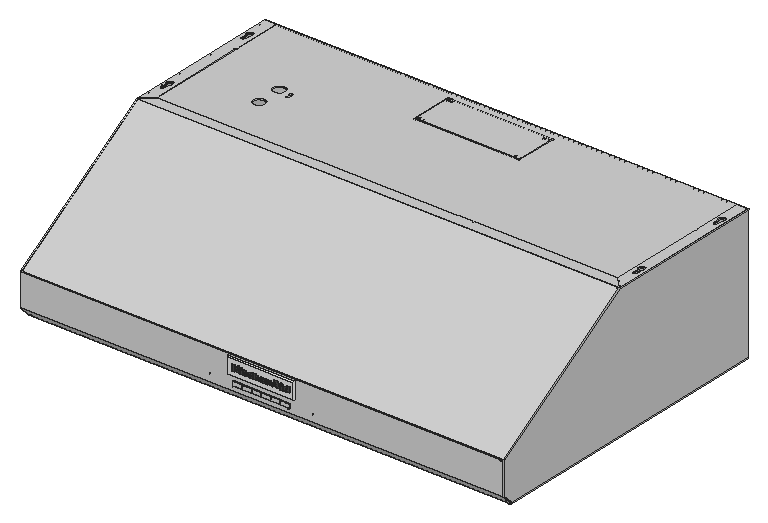
Revit family "P200880KC-062c_KVUC606KSS", category Specialty Equipment, Revit 2026
Family settings
  Round Connector Dimension = Use Diameter
  Part Type = Normal
  Work Plane-Based = No
  Enable Cutting in Views = No
  Always vertical = Yes
  Cut with Voids When Loaded = No
  Maintain Annotation Orientation = No
  Shared = No
  Room Calculation Point = No
Parameters (values of type "KVUC606KSS")
  Width = 36"
  Voltage = 0 V
  URL = ""
  Switch Material = ARCAT - Metal - Steel - Stainless
  Model = "KVUC606KSS"
  Manufacturer = "KitchenAid"
  Light Panel Material = ARCAT - Metal - Steel - Stainless Polished
  Light Material = ARCAT - Glass - White
  Installation-Fabrication = ""
  Height = 10"
  Grid Material = ARCAT - Metal - Light Gray
  Feature 3 = "90,0000 BTU Threshold\r\n90,0000 BTU Threshold"
  Feature 2 = "3-Speed Fan Control with Power Boost Function\r\n3-Speed Fan Control with Power Boost Function"
  Feature 1 = "585 CFM Motor Class Ventilation System\r\n585 CFM Motor Class Ventilation System"
  Family Name = "Ventilation"
  Energy Guide = ""
  Drawn By = ""
  Dimension Guide = ""
  Description = "36\" Commercial-Style Under-Cabinet Range Hood System, 585 CFM\r\n36\" Commercial-Style Under-Cabinet Range Hood System, 585 CFM"
  Depth = 23"
  Default Elevation = 0"
  Copyright = ""
  Body Material = ARCAT - Metal - Steel - Stainless
  Amps = 0 A
Reference planes (in)
  plane 1 "Center (Front/Back)": y = 0
  plane 2: z = 0
  plane 3 "Center (Left/Right)": x = 0
  plane 4: y = -23
  plane 5: z = 10
  plane 6: x = -18
  plane 7: x = 18
Forms (in)
  Extrusion 1, solid, material "ARCAT - Metal - Steel - Stainless" <- "Body Material"
    sketch origin (-14.95312, 60, 48) x (0, 1, 0) y (0, 0, -1)
      loop
        line (-82.8125, 44.82325) -> (-82.8125, 44.74975) -> (-72.05773, 38.01767)
        arc (-72.05773, 38.01767) -> (-72.03001, 38.0051) -> (-72, 38) r 0.11869
        line (-72, 38) -> (-72, 38.06311) -> (-82.8125, 44.82325)
    from 3.04688 to -32.95312
  Extrusion 2, solid, material "ARCAT - Metal - Steel - Stainless" <- "Body Material"
    sketch origin (0, -0.0625, 92.27586) x (0, 0, 1) y (-1, 0, 0)
      loop
        line (-82.33885, -17.9375) -> (-82.33885, 17.9375) -> (-92.21287, 17.9375) -> (-92.21287, -17.9375) -> (-82.33885, -17.9375)
      loop
        line (-83.28989, -16.91535) -> (-82.89791, -16.91535)
        arc (-82.89791, -16.91535) -> (-82.76995, -16.7874) -> (-82.89791, -16.65945) r 0.12795
        line (-82.89791, -16.65945) -> (-83.28989, -16.65945)
        arc (-83.28989, -16.65945) -> (-83.72468, -16.7874) -> (-83.28989, -16.91535) r 0.23622
      loop
        line (-82.89791, -6.85363) -> (-83.28989, -6.85363)
        arc (-83.28989, -6.85363) -> (-83.72468, -6.98158) -> (-83.28989, -7.10954) r 0.23622
        line (-83.28989, -7.10954) -> (-82.89791, -7.10954)
        arc (-82.89791, -7.10954) -> (-82.76995, -6.98158) -> (-82.89791, -6.85363) r 0.12795
      loop
        line (-82.89791, 7.10954) -> (-83.28989, 7.10954)
        arc (-83.28989, 7.10954) -> (-83.72468, 6.98158) -> (-83.28989, 6.85363) r 0.23622
        line (-83.28989, 6.85363) -> (-82.89791, 6.85363)
        arc (-82.89791, 6.85363) -> (-82.76995, 6.98158) -> (-82.89791, 7.10954) r 0.12795
      loop
        line (-83.92546, 9.68166) -> (-83.92546, 9.40607)
        arc (-83.92546, 9.40607) -> (-83.80735, 9.28796) -> (-83.68924, 9.40607) r 0.11811
        line (-83.68924, 9.40607) -> (-83.68924, 9.68166)
        arc (-83.68924, 9.68166) -> (-83.80735, 9.79977) -> (-83.92546, 9.68166) r 0.11811
      loop
        line (-83.28989, 16.73819) -> (-82.89791, 16.73819)
        arc (-82.89791, 16.73819) -> (-82.76995, 16.86614) -> (-82.89791, 16.99409) r 0.12795
        line (-82.89791, 16.99409) -> (-83.28989, 16.99409)
        arc (-83.28989, 16.99409) -> (-83.72468, 16.86614) -> (-83.28989, 16.73819) r 0.23622
      loop
        line (-86.10657, -3.95669) -> (-82.91759, -3.95669) -> (-82.91759, -3.87795) -> (-86.10657, -3.87795) -> (-86.10657, -3.95669)
      loop
        line (-82.99633, 3.83858) -> (-82.99633, -3.83858) -> (-82.91759, -3.83858) -> (-82.91759, 3.83858) -> (-82.99633, 3.83858)
      loop
        line (-83.19318, -3.44488) -> (-83.19318, -3.83858) -> (-83.11444, -3.83858) -> (-83.11444, -3.44488) -> (-83.19318, -3.44488)
      loop
        line (-86.10657, 3.83858) -> (-86.10657, -3.83858) -> (-86.02783, -3.83858) -> (-86.02783, 3.83858) -> (-86.10657, 3.83858)
      loop
        line (-85.90972, -3.44488) -> (-85.90972, -3.83858) -> (-85.83098, -3.83858) -> (-85.83098, -3.44488) -> (-85.90972, -3.44488)
      loop
        line (-86.10657, 3.87795) -> (-82.91759, 3.87795) -> (-82.91759, 3.95669) -> (-86.10657, 3.95669) -> (-86.10657, 3.87795)
      loop
        line (-85.90972, 3.83858) -> (-85.90972, 3.44488) -> (-85.83098, 3.44488) -> (-85.83098, 3.83858) -> (-85.90972, 3.83858)
      loop
        line (-83.19318, 3.83858) -> (-83.19318, 3.44488) -> (-83.11444, 3.44488) -> (-83.11444, 3.83858) -> (-83.19318, 3.83858)
      loop
        circle (-84.62034, 10.97601) r 0.42969
      loop
        circle (-84.62034, 9.07519) r 0.42969
    from 0 to -0.0625
  Extrusion 3, solid, material "ARCAT - Metal - Steel - Stainless" <- "Body Material"
    sketch origin (-14.95312, 60.04675, 44.38976) x (0, 1, 0) y (0, 0, 1)
      loop
        line (-82.85925, -41.13951) -> (-82.89769, -41.1633)
        arc (-82.89769, -41.1633) -> (-82.91533, -41.18176) -> (-82.92175, -41.20648) r 0.05078
        line (-82.92175, -41.20648) -> (-82.92175, -43.62173) -> (-82.15913, -44.38436)
        arc (-82.15913, -44.38436) -> (-82.13947, -44.38827) -> (-82.12833, -44.3716) r 0.01804
        line (-82.12833, -44.3716) -> (-82.12833, -44.32677) -> (-82.85925, -43.59585) -> (-82.85925, -41.13951)
    from -3.04688 to 32.95312
  Extrusion 4, solid, material "ARCAT - Metal - Steel - Stainless" <- "Body Material"
    sketch origin (-14.95312, -21.80462, 0.00049) x (0, 1, 0) y (1, 0, 0)
      loop
        line (0.6424, -1.73437) -> (7.65108, -1.73437) -> (7.65108, 31.57812) -> (0.6424, 31.57812) -> (0.6424, -1.73437)
      loop
        circle (4.39127, 23.56729) r 1.12452
      loop
        circle (4.39127, 6.33896) r 1.12452
    from 0 to -0.0625
  Extrusion 5, solid, material "ARCAT - Metal - Steel - Stainless" <- "Body Material"
    sketch origin (-14.95312, -14.67094, 0.25049) x (0, 1, 0) y (1, 0, 0)
      loop
        line (0.5174, -1.73437) -> (1.23615, -1.01562) -> (1.23615, 14.23437) -> (0.5174, 14.95312) -> (0.5174, -1.73437)
    from 0 to -0.0625
  Extrusion 6, solid, material "ARCAT - Metal - Steel - Stainless" <- "Body Material"
    sketch origin (-0.5174, -23.77468, 0.25049) x (-1, 0, 0) y (0, 1, 0)
      loop
        line (-0.5174, 9.62114) -> (-0.5174, 22.30593) -> (-1.23615, 21.58718) -> (-1.23615, 10.33989) -> (-0.5174, 9.62114)
    from 0 to -0.0625
  Extrusion 7, solid, material "ARCAT - Metal - Steel - Stainless" <- "Body Material"
    sketch origin (0.5174, -23.77468, 0.25049) x (-1, 0, 0) y (0, 1, 0)
      loop
        line (0.5174, 9.62114) -> (1.23615, 10.33989) -> (1.23615, 21.58718) -> (0.5174, 22.30593) -> (0.5174, 9.62114)
    from 0 to -0.0625
  Extrusion 8, solid, material "ARCAT - Metal - Steel - Stainless" <- "Body Material"
    sketch origin (14.95313, -14.67094, 0.25049) x (0, -1, 0) y (-1, 0, 0)
      loop
        line (-0.5174, -1.67188) -> (-0.5174, 14.95313) -> (-1.23615, 14.23437) -> (-1.23615, -0.95313) -> (-0.5174, -1.67188)
    from 0 to -0.0625
  Extrusion 9, solid, material "ARCAT - Metal - Steel - Stainless" <- "Body Material"
    sketch origin (14.95313, -0.95135, 0.25049) x (0, -1, 0) y (-1, 0, 0)
      loop
        line (0.5174, -1.67188) -> (1.23615, -0.95313) -> (1.23615, 14.23437) -> (0.5174, 14.95313) -> (0.5174, -1.67188)
    from 0 to -0.0625
  Extrusion 10, solid, material "ARCAT - Metal - Steel - Stainless" <- "Body Material"
    sketch origin (-14.95312, -0.95135, 0.25049) x (0, 1, 0) y (1, 0, 0)
      loop
        line (-0.5174, -1.73438) -> (-0.5174, 14.95312) -> (-1.23615, 14.23437) -> (-1.23615, -1.01563) -> (-0.5174, -1.73438)
    from 0 to -0.0625
  Extrusion 11, solid, material "ARCAT - Metal - Steel - Stainless" <- "Body Material"
    sketch origin (14.95313, -21.80462, 0.00049) x (0, 1, 0) y (1, 0, 0)
      loop
        line (21.80462, -31.64062) -> (21.80462, 1.67187) -> (20.33587, 1.67187) -> (20.33587, -31.64062) -> (21.80462, -31.64062)
    from 0 to -0.0625
  Extrusion 12, solid, material "ARCAT - Metal - Steel - Stainless" <- "Body Material"
    sketch origin (-14.95312, -0.06299, 9.93701) x (0, -1, 0) y (1, 0, 0)
      loop
        line (11.93701, -3.04688) -> (11.93701, 32.95312) -> (-0.06299, 32.95312) -> (-0.06299, -3.04688) -> (11.93701, -3.04688)
      loop
        arc (2.49607, 32.4674) -> (2.59449, 32.56582) -> (2.49607, 32.66425) r 0.09843
        line (2.49607, 32.66425) -> (2.07599, 32.66425)
        arc (2.07599, 32.66425) -> (1.70866, 32.56582) -> (2.07599, 32.4674) r 0.19685
        line (2.07599, 32.4674) -> (2.49607, 32.4674)
      loop
        arc (9.97638, 32.4674) -> (10.07481, 32.56582) -> (9.97638, 32.66425) r 0.09843
        line (9.97638, 32.66425) -> (9.5563, 32.66425)
        arc (9.5563, 32.66425) -> (9.18898, 32.56582) -> (9.5563, 32.4674) r 0.19685
        line (9.5563, 32.4674) -> (9.97638, 32.4674)
      loop
        line (2.49607, -2.56115) -> (2.07599, -2.56115)
        arc (2.07599, -2.56115) -> (1.70866, -2.65957) -> (2.07599, -2.758) r 0.19685
        line (2.07599, -2.758) -> (2.49607, -2.758)
        arc (2.49607, -2.758) -> (2.59449, -2.65957) -> (2.49607, -2.56115) r 0.09843
      loop
        line (9.97638, -2.56115) -> (9.5563, -2.56115)
        arc (9.5563, -2.56115) -> (9.18898, -2.65957) -> (9.5563, -2.758) r 0.19685
        line (9.5563, -2.758) -> (9.97638, -2.758)
        arc (9.97638, -2.758) -> (10.07481, -2.65957) -> (9.97638, -2.56115) r 0.09843
      loop
        line (0.54724, 18.90982) -> (0.54724, 18.83108) -> (3.69685, 18.83108) -> (3.69685, 18.90982) -> (0.54724, 18.90982)
      loop
        line (0.54724, 11.15391) -> (0.62598, 11.15391) -> (0.62598, 18.75234) -> (0.54724, 18.75234) -> (0.54724, 11.15391)
      loop
        line (0.54724, 11.07517) -> (0.54724, 10.99643) -> (3.69685, 10.99643) -> (3.69685, 11.07517) -> (0.54724, 11.07517)
      loop
        line (3.61811, 11.15391) -> (3.69685, 11.15391) -> (3.69685, 18.75234) -> (3.61811, 18.75234) -> (3.61811, 11.15391)
      loop
        line (0.74409, 18.35864) -> (0.82283, 18.35864) -> (0.82283, 18.75234) -> (0.74409, 18.75234) -> (0.74409, 18.35864)
      loop
        line (3.5, 18.75234) -> (3.42126, 18.75234) -> (3.42126, 18.35864) -> (3.5, 18.35864) -> (3.5, 18.75234)
      loop
        line (0.74409, 11.15391) -> (0.82283, 11.15391) -> (0.82283, 11.54761) -> (0.74409, 11.54761) -> (0.74409, 11.15391)
      loop
        line (3.42126, 11.15391) -> (3.5, 11.15391) -> (3.5, 11.54761) -> (3.42126, 11.54761) -> (3.42126, 11.15391)
      loop
        circle (5.92445, 2.76754) r 0.4314
      loop
        circle (7.80922, 2.76754) r 0.4314
      loop
        arc (6.26772, 3.55132) -> (6.38583, 3.66943) -> (6.26772, 3.78754) r 0.11811
        line (6.26772, 3.78754) -> (5.99213, 3.78754)
        arc (5.99213, 3.78754) -> (5.87402, 3.66943) -> (5.99213, 3.55132) r 0.11811
        line (5.99213, 3.55132) -> (6.26772, 3.55132)
    from 0 to 0.03125
  Extrusion 13, solid, material "ARCAT - Metal - Steel - Stainless" <- "Body Material"
    sketch origin (15, -21.80462, 0.06299) x (1, 0, 0) y (0, -1, 0)
      loop
        line (3, -0.05874) -> (1.625, -0.6424) -> (1.625, -21.80462) -> (3, -21.80462) -> (3, -0.05874)
    from 0 to 0.0625
  Extrusion 14, solid, material "ARCAT - Metal - Steel - Stainless" <- "Body Material"
    sketch origin (14.1424, -23.77468, 0.25049) x (-1, 0, 0) y (0, 1, 0)
      loop
        line (-2.4826, 9.62114) -> (-1.76385, 10.33989) -> (-1.76385, 21.58718) -> (-2.4826, 22.30593) -> (-2.4826, 9.62114)
    from 0 to -0.0625
  Extrusion 15, solid, material "ARCAT - Metal - Steel - Stainless" <- "Body Material"
    sketch origin (-18.12204, -179.9878, 10) x (-1, 0, 0) y (0, -1, 0)
      loop
        line (-35.30954, -168.8003) -> (-36.12204, -167.9878) -> (-36.12204, -179.9375) -> (-35.35525, -179.9375)
        arc (-35.35525, -179.9375) -> (-35.32293, -179.92411) -> (-35.30954, -179.89179) r 0.04571
        line (-35.30954, -179.89179) -> (-35.30954, -176.2632) -> (-35.42765, -176.14509) -> (-35.30954, -176.02698) -> (-35.30954, -168.8003)
      loop
        arc (-35.87253, -177.83963) -> (-35.73474, -178.26772) -> (-35.59694, -177.83963) r 0.23622
        line (-35.59694, -177.83963) -> (-35.59694, -177.44094)
        arc (-35.59694, -177.44094) -> (-35.73474, -177.30315) -> (-35.87253, -177.44094) r 0.1378
        line (-35.87253, -177.44094) -> (-35.87253, -177.83963)
      loop
        arc (-35.87253, -170.35932) -> (-35.73474, -170.7874) -> (-35.59694, -170.35932) r 0.23622
        line (-35.59694, -170.35932) -> (-35.59694, -169.96063)
        arc (-35.59694, -169.96063) -> (-35.73474, -169.82283) -> (-35.87253, -169.96063) r 0.1378
        line (-35.87253, -169.96063) -> (-35.87253, -170.35932)
    from -0.03174 to 0
  Extrusion 16, solid, material "ARCAT - Metal - Steel - Stainless" <- "Body Material"
    sketch origin (-18, 60, 44.38976) x (0, 1, 0) y (0, 0, 1)
      loop
        line (-82.8125, -41.21301) -> (-82.8125, -43.59585) -> (-82.08157, -44.32677) -> (-60, -44.32677) -> (-60, -34.45276) -> (-71.9998, -34.45276) -> (-82.8125, -41.21301)
    from 0 to 0.0625
  Extrusion 17, solid, material "ARCAT - Metal - Steel - Stainless" <- "Body Material"
    sketch origin (-18, -22.08157, 0.06299) x (1, 0, 0) y (0, -1, 0)
      loop
        line (0, -0.36222) -> (0, -22.08157) -> (1.3125, -22.08157) -> (1.3125, -0.91935) -> (0, -0.36222)
    from 0 to 0.0625
  Extrusion 18, solid, material "ARCAT - Metal - Steel - Stainless" <- "Body Material"
    sketch origin (-14.2049, -23.77468, 0.25049) x (-1, 0, 0) y (0, 1, 0)
      loop
        line (2.4826, 9.62114) -> (2.4826, 22.30593) -> (1.76385, 21.58718) -> (1.76385, 10.33989) -> (2.4826, 9.62114)
    from 0 to -0.0625
  Extrusion 19, solid, material "ARCAT - Metal - Steel - Stainless" <- "Body Material"
    sketch origin (-12.66891, -179.9878, 10) x (-1, 0, 0) y (0, -1, 0)
      loop
        line (5.33109, -167.9878) -> (-30.66891, -167.9878) -> (-29.85641, -168.8003) -> (-19.24956, -168.8003) -> (-19.13145, -168.68219) -> (-19.01334, -168.8003) -> (-18.06846, -168.8003) -> (-17.95035, -168.68219) -> (-17.83224, -168.8003) -> (-7.59601, -168.8003) -> (-7.4779, -168.68219) -> (-7.35979, -168.8003) -> (-6.41491, -168.8003) -> (-6.2968, -168.68219) -> (-6.17869, -168.8003) -> (4.51859, -168.8003) -> (5.33109, -167.9878)
    from 0 to -0.03174
  Extrusion 20, solid, material "ARCAT - Metal - Steel - Stainless" <- "Body Material"
    sketch origin (18, 60, 48) x (0, 1, 0) y (0, 0, 1)
      loop
        line (-82.8125, -44.82325) -> (-82.8125, -47.20608) -> (-82.08157, -47.93701) -> (-60, -47.93701) -> (-60, -38.06299) -> (-71.9998, -38.06299) -> (-82.8125, -44.82325)
    from 0 to -0.0625
  Extrusion 21, solid, material "ARCAT - Metal - Steel - Stainless" <- "Body Material"
    sketch origin (18.12204, -179.9878, 10) x (1, 0, 0) y (0, 1, 0)
      loop
        line (-35.30954, 168.8003) -> (-35.30954, 176.02698) -> (-35.42765, 176.14509) -> (-35.30954, 176.2632) -> (-35.30954, 179.89179)
        arc (-35.30954, 179.89179) -> (-35.32293, 179.92411) -> (-35.35525, 179.9375) r 0.04571
        line (-35.35525, 179.9375) -> (-36.12204, 179.9375) -> (-36.12204, 167.9878) -> (-35.30954, 168.8003)
      loop
        line (-35.87253, 177.83963) -> (-35.87253, 177.44094)
        arc (-35.87253, 177.44094) -> (-35.73474, 177.30315) -> (-35.59694, 177.44094) r 0.1378
        line (-35.59694, 177.44094) -> (-35.59694, 177.83963)
        arc (-35.59694, 177.83963) -> (-35.73474, 178.26772) -> (-35.87253, 177.83963) r 0.23622
      loop
        line (-35.87253, 170.35932) -> (-35.87253, 169.96063)
        arc (-35.87253, 169.96063) -> (-35.73474, 169.82283) -> (-35.59694, 169.96063) r 0.1378
        line (-35.59694, 169.96063) -> (-35.59694, 170.35932)
        arc (-35.59694, 170.35932) -> (-35.73474, 170.7874) -> (-35.87253, 170.35932) r 0.23622
    from -0.03174 to 0
  Extrusion 22, solid, material "ARCAT - Metal - Light Gray" <- "Grid Material"
    sketch origin (-5.59428, -1.46875, 48.04688) x (-1, 0, 0) y (0, 0, 1)
      loop
        line (-4.28799, -47.66912) -> (-4.47146, -47.26724) -> (-4.43633, -47.21792) -> (-4.46198, -47.19965) -> (-4.50766, -47.26378) -> (-4.30827, -47.70055)
        arc (-4.30827, -47.70055) -> (-4.29818, -47.71219) -> (-4.28339, -47.71654) r 0.02734
        line (-4.28339, -47.71654) -> (-3.25555, -47.71654)
        arc (-3.25555, -47.71654) -> (-3.24077, -47.71219) -> (-3.23068, -47.70055) r 0.02734
        line (-3.23068, -47.70055) -> (-3.03128, -47.26378) -> (-3.07697, -47.19965) -> (-3.10262, -47.21792) -> (-3.06749, -47.26724) -> (-3.25096, -47.66912)
        arc (-3.25096, -47.66912) -> (-3.261, -47.68072) -> (-3.27572, -47.68504) r 0.02722
        line (-3.27572, -47.68504) -> (-4.26323, -47.68504)
        arc (-4.26323, -47.68504) -> (-4.27795, -47.68072) -> (-4.28799, -47.66912) r 0.02722
      loop
        line (-2.4376, -47.66912) -> (-2.62107, -47.26724) -> (-2.58593, -47.21792) -> (-2.61159, -47.19965) -> (-2.65727, -47.26378) -> (-2.45787, -47.70055)
        arc (-2.45787, -47.70055) -> (-2.44779, -47.71219) -> (-2.433, -47.71654) r 0.02734
        line (-2.433, -47.71654) -> (-1.40516, -47.71654)
        arc (-1.40516, -47.71654) -> (-1.39037, -47.71219) -> (-1.38029, -47.70055) r 0.02734
        line (-1.38029, -47.70055) -> (-1.18089, -47.26378) -> (-1.22657, -47.19965) -> (-1.25223, -47.21792) -> (-1.21709, -47.26724) -> (-1.40056, -47.66912)
        arc (-1.40056, -47.66912) -> (-1.41061, -47.68072) -> (-1.42532, -47.68504) r 0.02722
        line (-1.42532, -47.68504) -> (-2.41284, -47.68504)
        arc (-2.41284, -47.68504) -> (-2.42755, -47.68072) -> (-2.4376, -47.66912) r 0.02722
      loop
        line (-0.5872, -47.66912) -> (-0.77067, -47.26724) -> (-0.73554, -47.21792) -> (-0.76119, -47.19965) -> (-0.80688, -47.26378) -> (-0.60748, -47.70055)
        arc (-0.60748, -47.70055) -> (-0.59739, -47.71219) -> (-0.58261, -47.71654) r 0.02734
        line (-0.58261, -47.71654) -> (0.44523, -47.71654)
        arc (0.44523, -47.71654) -> (0.46002, -47.71219) -> (0.47011, -47.70055) r 0.02734
        line (0.47011, -47.70055) -> (0.6695, -47.26378) -> (0.62382, -47.19965) -> (0.59817, -47.21792) -> (0.6333, -47.26724) -> (0.44983, -47.66912)
        arc (0.44983, -47.66912) -> (0.43979, -47.68072) -> (0.42507, -47.68504) r 0.02722
        line (0.42507, -47.68504) -> (-0.56244, -47.68504)
        arc (-0.56244, -47.68504) -> (-0.57716, -47.68072) -> (-0.5872, -47.66912) r 0.02722
      loop
        line (1.26319, -47.66912) -> (1.07972, -47.26724) -> (1.11485, -47.21792) -> (1.0892, -47.19965) -> (1.04352, -47.26378) -> (1.24291, -47.70055)
        arc (1.24291, -47.70055) -> (1.253, -47.71219) -> (1.26779, -47.71654) r 0.02734
        line (1.26779, -47.71654) -> (2.29563, -47.71654)
        arc (2.29563, -47.71654) -> (2.31041, -47.71219) -> (2.3205, -47.70055) r 0.02734
        line (2.3205, -47.70055) -> (2.5199, -47.26378) -> (2.47421, -47.19965) -> (2.44856, -47.21792) -> (2.48369, -47.26724) -> (2.30023, -47.66912)
        arc (2.30023, -47.66912) -> (2.29018, -47.68072) -> (2.27546, -47.68504) r 0.02722
        line (2.27546, -47.68504) -> (1.28795, -47.68504)
        arc (1.28795, -47.68504) -> (1.27323, -47.68072) -> (1.26319, -47.66912) r 0.02722
      loop
        line (3.11358, -47.66912) -> (2.93012, -47.26724) -> (2.96525, -47.21792) -> (2.93959, -47.19965) -> (2.89391, -47.26378) -> (3.09331, -47.70055)
        arc (3.09331, -47.70055) -> (3.1034, -47.71219) -> (3.11818, -47.71654) r 0.02734
        line (3.11818, -47.71654) -> (4.14602, -47.71654)
        arc (4.14602, -47.71654) -> (4.16081, -47.71219) -> (4.1709, -47.70055) r 0.02734
        line (4.1709, -47.70055) -> (4.37029, -47.26378) -> (4.32461, -47.19965) -> (4.29895, -47.21792) -> (4.33409, -47.26724) -> (4.15062, -47.66912)
        arc (4.15062, -47.66912) -> (4.14057, -47.68072) -> (4.12586, -47.68504) r 0.02722
        line (4.12586, -47.68504) -> (3.13835, -47.68504)
        arc (3.13835, -47.68504) -> (3.12363, -47.68072) -> (3.11358, -47.66912) r 0.02722
      loop
        line (4.96398, -47.67176) -> (4.78051, -47.26988) -> (4.81564, -47.22056) -> (4.78999, -47.20229) -> (4.74431, -47.26642) -> (4.9437, -47.70319)
        arc (4.9437, -47.70319) -> (4.95379, -47.71484) -> (4.96857, -47.71918) r 0.02734
        line (4.96857, -47.71918) -> (5.99642, -47.71918)
        arc (5.99642, -47.71918) -> (6.0112, -47.71484) -> (6.02129, -47.70319) r 0.02734
        line (6.02129, -47.70319) -> (6.22068, -47.26642) -> (6.175, -47.20229) -> (6.14935, -47.22056) -> (6.18448, -47.26988) -> (6.00101, -47.67176)
        arc (6.00101, -47.67176) -> (5.99097, -47.68336) -> (5.97625, -47.68768) r 0.02722
        line (5.97625, -47.68768) -> (4.98874, -47.68768)
        arc (4.98874, -47.68768) -> (4.97402, -47.68336) -> (4.96398, -47.67176) r 0.02722
      loop
        line (6.81437, -47.66691) -> (6.6309, -47.26503) -> (6.66604, -47.21571) -> (6.64038, -47.19743) -> (6.5947, -47.26157) -> (6.79409, -47.69833)
        arc (6.79409, -47.69833) -> (6.80418, -47.70998) -> (6.81897, -47.71432) r 0.02734
        line (6.81897, -47.71432) -> (7.84681, -47.71432)
        arc (7.84681, -47.71432) -> (7.86159, -47.70998) -> (7.87168, -47.69833) r 0.02734
        line (7.87168, -47.69833) -> (8.07108, -47.26157) -> (8.0254, -47.19743) -> (7.99974, -47.21571) -> (8.03487, -47.26503) -> (7.85141, -47.66691)
        arc (7.85141, -47.66691) -> (7.84136, -47.6785) -> (7.82664, -47.68283) r 0.02722
        line (7.82664, -47.68283) -> (6.83913, -47.68283)
        arc (6.83913, -47.68283) -> (6.82441, -47.6785) -> (6.81437, -47.66691) r 0.02722
      loop
        line (8.66476, -47.66912) -> (8.4813, -47.26724) -> (8.51643, -47.21792) -> (8.49078, -47.19965) -> (8.44509, -47.26378) -> (8.64449, -47.70055)
        arc (8.64449, -47.70055) -> (8.65458, -47.71219) -> (8.66936, -47.71654) r 0.02734
        line (8.66936, -47.71654) -> (9.6972, -47.71654)
        arc (9.6972, -47.71654) -> (9.71199, -47.71219) -> (9.72208, -47.70055) r 0.02734
        line (9.72208, -47.70055) -> (9.92147, -47.26378) -> (9.87579, -47.19965) -> (9.85014, -47.21792) -> (9.88527, -47.26724) -> (9.7018, -47.66912)
        arc (9.7018, -47.66912) -> (9.69176, -47.68072) -> (9.67704, -47.68504) r 0.02722
        line (9.67704, -47.68504) -> (8.68953, -47.68504)
        arc (8.68953, -47.68504) -> (8.67481, -47.68072) -> (8.66476, -47.66912) r 0.02722
    from 0 to -12.68479
  Extrusion 23, solid, material "ARCAT - Metal - Steel - Stainless" <- "Body Material"
    sketch origin (16.625, -14.15354, 0.00049) x (-1, 0, 0) y (0, 0, 1)
      loop
        line (33.3125, 0.2751) -> (33.3125, 1.04675) -> (0, 1.04675) -> (0, 0.2751) -> (33.3125, 0.2751)
    from 0 to -0.03125
  Extrusion 24, solid, material "ARCAT - Metal - Steel - Stainless" <- "Body Material"
    sketch origin (-6.53178, -1.46875, -46.46971) x (-1, 0, 0) y (0, 0, 1)
      loop
        arc (-4.30029, 47.66897) -> (-4.29025, 47.68056) -> (-4.27553, 47.68488) r 0.02722
        line (-4.27553, 47.68488) -> (-3.28802, 47.68488)
        arc (-3.28802, 47.68488) -> (-3.2733, 47.68056) -> (-3.26326, 47.66897) r 0.02722
        line (-3.26326, 47.66897) -> (-3.07979, 47.26709) -> (-3.11492, 47.21776) -> (-3.08927, 47.19949) -> (-3.04359, 47.26362) -> (-3.24298, 47.70039)
        arc (-3.24298, 47.70039) -> (-3.25307, 47.71204) -> (-3.26786, 47.71638) r 0.02734
        line (-3.26786, 47.71638) -> (-4.2957, 47.71638)
        arc (-4.2957, 47.71638) -> (-4.31048, 47.71204) -> (-4.32057, 47.70039) r 0.02734
        line (-4.32057, 47.70039) -> (-4.51997, 47.26362) -> (-4.47428, 47.19949) -> (-4.44863, 47.21776) -> (-4.48376, 47.26709) -> (-4.30029, 47.66897)
      loop
        arc (-2.4499, 47.66897) -> (-2.43986, 47.68056) -> (-2.42514, 47.68488) r 0.02722
        line (-2.42514, 47.68488) -> (-1.43763, 47.68488)
        arc (-1.43763, 47.68488) -> (-1.42291, 47.68056) -> (-1.41287, 47.66897) r 0.02722
        line (-1.41287, 47.66897) -> (-1.2294, 47.26709) -> (-1.26453, 47.21776) -> (-1.23888, 47.19949) -> (-1.19319, 47.26362) -> (-1.39259, 47.70039)
        arc (-1.39259, 47.70039) -> (-1.40268, 47.71204) -> (-1.41746, 47.71638) r 0.02734
        line (-1.41746, 47.71638) -> (-2.4453, 47.71638)
        arc (-2.4453, 47.71638) -> (-2.46009, 47.71204) -> (-2.47018, 47.70039) r 0.02734
        line (-2.47018, 47.70039) -> (-2.66957, 47.26362) -> (-2.62389, 47.19949) -> (-2.59824, 47.21776) -> (-2.63337, 47.26709) -> (-2.4499, 47.66897)
      loop
        arc (-0.59951, 47.66897) -> (-0.58946, 47.68056) -> (-0.57474, 47.68488) r 0.02722
        line (-0.57474, 47.68488) -> (0.41277, 47.68488)
        arc (0.41277, 47.68488) -> (0.42748, 47.68056) -> (0.43753, 47.66897) r 0.02722
        line (0.43753, 47.66897) -> (0.621, 47.26709) -> (0.58586, 47.21776) -> (0.61152, 47.19949) -> (0.6572, 47.26362) -> (0.45781, 47.70039)
        arc (0.45781, 47.70039) -> (0.44772, 47.71204) -> (0.43293, 47.71638) r 0.02734
        line (0.43293, 47.71638) -> (-0.59491, 47.71638)
        arc (-0.59491, 47.71638) -> (-0.60969, 47.71204) -> (-0.61978, 47.70039) r 0.02734
        line (-0.61978, 47.70039) -> (-0.81918, 47.26362) -> (-0.7735, 47.19949) -> (-0.74784, 47.21776) -> (-0.78298, 47.26709) -> (-0.59951, 47.66897)
      loop
        arc (1.25089, 47.66897) -> (1.26093, 47.68056) -> (1.27565, 47.68488) r 0.02722
        line (1.27565, 47.68488) -> (2.26316, 47.68488)
        arc (2.26316, 47.68488) -> (2.27788, 47.68056) -> (2.28792, 47.66897) r 0.02722
        line (2.28792, 47.66897) -> (2.47139, 47.26709) -> (2.43626, 47.21776) -> (2.46191, 47.19949) -> (2.50759, 47.26362) -> (2.3082, 47.70039)
        arc (2.3082, 47.70039) -> (2.29811, 47.71204) -> (2.28332, 47.71638) r 0.02734
        line (2.28332, 47.71638) -> (1.25548, 47.71638)
        arc (1.25548, 47.71638) -> (1.2407, 47.71204) -> (1.23061, 47.70039) r 0.02734
        line (1.23061, 47.70039) -> (1.03122, 47.26362) -> (1.0769, 47.19949) -> (1.10255, 47.21776) -> (1.06742, 47.26709) -> (1.25089, 47.66897)
      loop
        arc (3.10128, 47.66897) -> (3.11132, 47.68056) -> (3.12604, 47.68488) r 0.02722
        line (3.12604, 47.68488) -> (4.11355, 47.68488)
        arc (4.11355, 47.68488) -> (4.12827, 47.68056) -> (4.13832, 47.66897) r 0.02722
        line (4.13832, 47.66897) -> (4.32178, 47.26709) -> (4.28665, 47.21776) -> (4.3123, 47.19949) -> (4.35799, 47.26362) -> (4.15859, 47.70039)
        arc (4.15859, 47.70039) -> (4.1485, 47.71204) -> (4.13372, 47.71638) r 0.02734
        line (4.13372, 47.71638) -> (3.10588, 47.71638)
        arc (3.10588, 47.71638) -> (3.09109, 47.71204) -> (3.081, 47.70039) r 0.02734
        line (3.081, 47.70039) -> (2.88161, 47.26362) -> (2.92729, 47.19949) -> (2.95294, 47.21776) -> (2.91781, 47.26709) -> (3.10128, 47.66897)
      loop
        arc (4.95167, 47.66897) -> (4.96172, 47.68056) -> (4.97644, 47.68488) r 0.02722
        line (4.97644, 47.68488) -> (5.96395, 47.68488)
        arc (5.96395, 47.68488) -> (5.97867, 47.68056) -> (5.98871, 47.66897) r 0.02722
        line (5.98871, 47.66897) -> (6.17218, 47.26709) -> (6.13704, 47.21776) -> (6.1627, 47.19949) -> (6.20838, 47.26362) -> (6.00899, 47.70039)
        arc (6.00899, 47.70039) -> (5.9989, 47.71204) -> (5.98411, 47.71638) r 0.02734
        line (5.98411, 47.71638) -> (4.95627, 47.71638)
        arc (4.95627, 47.71638) -> (4.94149, 47.71204) -> (4.9314, 47.70039) r 0.02734
        line (4.9314, 47.70039) -> (4.732, 47.26362) -> (4.77769, 47.19949) -> (4.80334, 47.21776) -> (4.76821, 47.26709) -> (4.95167, 47.66897)
      loop
        line (-5.11293, 47.66897) -> (-4.92947, 47.26709) -> (-4.9646, 47.21776) -> (-4.93895, 47.19949) -> (-4.89326, 47.26362) -> (-5.09266, 47.70039)
        arc (-5.09266, 47.70039) -> (-5.10275, 47.71204) -> (-5.11753, 47.71638) r 0.02734
        line (-5.11753, 47.71638) -> (-6.14537, 47.71638)
        arc (-6.14537, 47.71638) -> (-6.16016, 47.71204) -> (-6.17025, 47.70039) r 0.02734
        line (-6.17025, 47.70039) -> (-6.36964, 47.26362) -> (-6.32396, 47.19949) -> (-6.29831, 47.21776) -> (-6.33344, 47.26709) -> (-6.14997, 47.66897)
        arc (-6.14997, 47.66897) -> (-6.13993, 47.68056) -> (-6.12521, 47.68488) r 0.02722
        line (-6.12521, 47.68488) -> (-5.1377, 47.68488)
        arc (-5.1377, 47.68488) -> (-5.12298, 47.68056) -> (-5.11293, 47.66897) r 0.02722
      loop
        arc (6.80207, 47.66897) -> (6.81211, 47.68056) -> (6.82683, 47.68488) r 0.02722
        line (6.82683, 47.68488) -> (7.81434, 47.68488)
        arc (7.81434, 47.68488) -> (7.82906, 47.68056) -> (7.8391, 47.66897) r 0.02722
        line (7.8391, 47.66897) -> (8.02257, 47.26709) -> (7.98744, 47.21776) -> (8.01309, 47.19949) -> (8.05877, 47.26362) -> (7.85938, 47.70039)
        arc (7.85938, 47.70039) -> (7.84929, 47.71204) -> (7.83451, 47.71638) r 0.02734
        line (7.83451, 47.71638) -> (6.80666, 47.71638)
        arc (6.80666, 47.71638) -> (6.79188, 47.71204) -> (6.78179, 47.70039) r 0.02734
        line (6.78179, 47.70039) -> (6.5824, 47.26362) -> (6.62808, 47.19949) -> (6.65373, 47.21776) -> (6.6186, 47.26709) -> (6.80207, 47.66897)
      loop
        arc (8.65246, 47.66897) -> (8.66251, 47.68056) -> (8.67722, 47.68488) r 0.02722
        line (8.67722, 47.68488) -> (9.66473, 47.68488)
        arc (9.66473, 47.68488) -> (9.67945, 47.68056) -> (9.6895, 47.66897) r 0.02722
        line (9.6895, 47.66897) -> (9.87296, 47.26709) -> (9.83783, 47.21776) -> (9.86349, 47.19949) -> (9.90917, 47.26362) -> (9.70977, 47.70039)
        arc (9.70977, 47.70039) -> (9.69968, 47.71204) -> (9.6849, 47.71638) r 0.02734
        line (9.6849, 47.71638) -> (8.65706, 47.71638)
        arc (8.65706, 47.71638) -> (8.64227, 47.71204) -> (8.63218, 47.70039) r 0.02734
        line (8.63218, 47.70039) -> (8.43279, 47.26362) -> (8.47847, 47.19949) -> (8.50413, 47.21776) -> (8.46899, 47.26709) -> (8.65246, 47.66897)
    from 0 to -12.68479
  Extrusion 25, void
    sketch origin (-17.95312, -22.875, 0.75386) x (0, 0, -1) y (-1, 0, 0)
      loop
        line (-0.40373, -15.78777) -> (-0.71081, -15.78777)
        arc (-0.71081, -15.78777) -> (-0.75535, -15.80622) -> (-0.7738, -15.85076) r 0.06299
        line (-0.7738, -15.85076) -> (-0.7738, -20.05549)
        arc (-0.7738, -20.05549) -> (-0.75535, -20.10003) -> (-0.71081, -20.11848) r 0.06299
        line (-0.71081, -20.11848) -> (-0.40373, -20.11848)
        arc (-0.40373, -20.11848) -> (-0.35918, -20.10003) -> (-0.34073, -20.05549) r 0.06299
        line (-0.34073, -20.05549) -> (-0.34073, -15.85076)
        arc (-0.34073, -15.85076) -> (-0.35918, -15.80622) -> (-0.40373, -15.78777) r 0.06299
    from 0 to 0.04088
  Extrusion 26, solid, material "ARCAT - Metal - Steel - Stainless" <- "Body Material"
    sketch origin (-17.95312, -22.83412, 0.75386) x (0, 0, 1) y (-1, 0, 0)
      loop
        line (0.68754, -15.819) -> (0.42393, -15.819)
        arc (0.42393, -15.819) -> (0.39884, -15.8294) -> (0.38845, -15.85448) r 0.03548
        line (0.38845, -15.85448) -> (0.38845, -20.05177)
        arc (0.38845, -20.05177) -> (0.39884, -20.07686) -> (0.42393, -20.08726) r 0.03548
        line (0.42393, -20.08726) -> (0.68659, -20.08726)
        arc (0.68659, -20.08726) -> (0.71235, -20.07658) -> (0.72302, -20.05082) r 0.03644
        line (0.72302, -20.05082) -> (0.72302, -15.85448)
        arc (0.72302, -15.85448) -> (0.71263, -15.8294) -> (0.68754, -15.819) r 0.03548
      loop
        line (0.66783, -15.85054) -> (0.44485, -15.85054)
        arc (0.44485, -15.85054) -> (0.42727, -15.85782) -> (0.41999, -15.8754) r 0.02486
        line (0.41999, -15.8754) -> (0.41999, -20.03206)
        arc (0.41999, -20.03206) -> (0.42692, -20.04879) -> (0.44364, -20.05572) r 0.02365
        line (0.44364, -20.05572) -> (0.66919, -20.05572)
        arc (0.66919, -20.05572) -> (0.68495, -20.04919) -> (0.69148, -20.03342) r 0.0223
        line (0.69148, -20.03342) -> (0.69148, -15.8742)
        arc (0.69148, -15.8742) -> (0.68456, -15.85747) -> (0.66783, -15.85054) r 0.02365
    from 0 to 0.03125
  Extrusion 27, solid, material "ARCAT - Metal - Steel - Stainless" <- "Switch Material"
    sketch origin (-18.03401, -22.83412, 0.75386) x (0, 0, 1) y (-1, 0, 0)
      loop
        line (0.41999, -19.47535) -> (0.41999, -20.11295)
        arc (0.41999, -20.11295) -> (0.42692, -20.12967) -> (0.44364, -20.1366) r 0.02365
        line (0.44364, -20.1366) -> (0.66919, -20.1366)
        arc (0.66919, -20.1366) -> (0.68495, -20.13007) -> (0.69148, -20.1143) r 0.0223
        line (0.69148, -20.1143) -> (0.69148, -19.47535) -> (0.41999, -19.47535)
      loop
        line (0.41999, -18.76638) -> (0.41999, -19.42763) -> (0.69148, -19.42763) -> (0.69148, -18.76638) -> (0.41999, -18.76638)
      loop
        line (0.41999, -18.05771) -> (0.41999, -18.71897) -> (0.69148, -18.71897) -> (0.69148, -18.05771) -> (0.41999, -18.05771)
      loop
        line (0.41999, -17.34905) -> (0.41999, -18.01031) -> (0.69148, -18.01031) -> (0.69148, -17.34905) -> (0.41999, -17.34905)
      loop
        line (0.41999, -16.64039) -> (0.41999, -17.30165) -> (0.69148, -17.30165) -> (0.69148, -16.64039) -> (0.41999, -16.64039)
      loop
        arc (0.44485, -15.93143) -> (0.42727, -15.93871) -> (0.41999, -15.95629) r 0.02486
        line (0.41999, -15.95629) -> (0.41999, -16.59268) -> (0.69148, -16.59268) -> (0.69148, -15.95508)
        arc (0.69148, -15.95508) -> (0.68456, -15.93836) -> (0.66783, -15.93143) r 0.02365
        line (0.66783, -15.93143) -> (0.44485, -15.93143)
    from 0 to 0.07619
  Revolve 28, solid, material "ARCAT - Metal - Steel - Stainless Polished" <- "Light Panel Material"
    sketch origin (14.71835, -17.41336, 47.98425) x (1, 0, 0) y (0, 0, -1)
      loop
        line (-22.26164, 47.98376) -> (-21.87632, 47.98376) -> (-21.87632, 48.0175)
        arc (-21.87632, 48.0175) -> (-21.88182, 48.03582) -> (-21.89652, 48.04806) r 0.03323
        arc (-21.89652, 48.04806) -> (-22.05096, 48.10075) -> (-22.21149, 48.13001) r 1.1002
        arc (-22.21149, 48.13001) -> (-22.24661, 48.11863) -> (-22.26164, 48.08491) r 0.04535
        line (-22.26164, 48.08491) -> (-22.26164, 47.98376)
      axis (-23.33252, 47.98376) -> (-23.33252, 48.13001)
    angle from 0 to 360
  Revolve 29, solid, material "ARCAT - Glass - White" <- "Light Material"
    sketch origin (-82.76047, -17.41336, 48) x (-1, 0, 0) y (0, 0, -1)
      loop
        line (-74.1463, 46.27562) -> (-73.83576, 46.27562) -> (-73.70775, 46.36863) -> (-73.68386, 47.05259)
        arc (-73.68386, 47.05259) -> (-73.67121, 47.13295) -> (-73.62924, 47.20265) r 0.21219
        arc (-73.62924, 47.20265) -> (-73.37708, 47.5555) -> (-73.21147, 47.95633) r 1.90055
        line (-73.21147, 47.95633) -> (-73.1591, 47.95633) -> (-73.1591, 48.04885) -> (-73.23012, 48.04885)
        arc (-73.23012, 48.04885) -> (-73.34856, 48.07512) -> (-73.45831, 48.1268) r 0.54787
        line (-73.45831, 48.1268) -> (-74.1463, 48.1268) -> (-74.1463, 46.27562)
      axis (-74.1463, 48.1268) -> (-74.1463, 46.27562)
    angle from 0 to 360
  Revolve 30, solid, material "ARCAT - Metal - Steel - Stainless Polished" <- "Light Panel Material"
    sketch origin (-14.71835, -17.41336, 47.98425) x (-1, 0, 0) y (0, 0, 1)
      loop
        line (-22.26164, -47.98376) -> (-22.26164, -48.08491)
        arc (-22.26164, -48.08491) -> (-22.24661, -48.11863) -> (-22.21149, -48.13001) r 0.04535
        arc (-22.21149, -48.13001) -> (-22.05096, -48.10075) -> (-21.89652, -48.04806) r 1.1002
        arc (-21.89652, -48.04806) -> (-21.88182, -48.03582) -> (-21.87632, -48.0175) r 0.03323
        line (-21.87632, -48.0175) -> (-21.87632, -47.98376) -> (-22.26164, -47.98376)
      axis (-23.33252, -47.98376) -> (-23.33252, -48.13001)
    angle from 0 to 360
  Revolve 31, solid, material "ARCAT - Glass - White" <- "Light Material"
    sketch origin (82.76047, -17.41336, 48) x (1, 0, 0) y (0, 0, 1)
      loop
        line (-74.1463, -46.27562) -> (-74.1463, -48.1268) -> (-73.45831, -48.1268)
        arc (-73.45831, -48.1268) -> (-73.34856, -48.07512) -> (-73.23012, -48.04885) r 0.54787
        line (-73.23012, -48.04885) -> (-73.1591, -48.04885) -> (-73.1591, -47.95633) -> (-73.21147, -47.95633)
        arc (-73.21147, -47.95633) -> (-73.37708, -47.5555) -> (-73.62924, -47.20265) r 1.90055
        arc (-73.62924, -47.20265) -> (-73.67121, -47.13295) -> (-73.68386, -47.05259) r 0.21219
        line (-73.68386, -47.05259) -> (-73.70775, -46.36863) -> (-73.83576, -46.27562) -> (-74.1463, -46.27562)
      axis (-74.1463, -48.1268) -> (-74.1463, -46.27562)
    angle from 0 to 360
  Extrusion 32, solid, material "ARCAT - Metal - Steel - Stainless" <- "Body Material"
    sketch origin (18, -22.08157, 0.06299) x (1, 0, 0) y (0, -1, 0)
      loop
        line (-36, 0) -> (-36, -0.36222) -> (-34.6875, -0.91935) -> (-1.375, -0.91935) -> (0, -0.33569) -> (0, 0) -> (-36, 0)
    from 0 to 0.0625
  Extrusion 33, solid, material "ARCAT - Metal - Light Gray" <- "Grid Material"
    sketch origin (5.59428, -1.46875, 48.04687) x (1, 0, 0) y (0, 0, -1)
      loop
        arc (-4.28799, 47.66912) -> (-4.27795, 47.68072) -> (-4.26323, 47.68504) r 0.02722
        line (-4.26323, 47.68504) -> (-3.27572, 47.68504)
        arc (-3.27572, 47.68504) -> (-3.261, 47.68072) -> (-3.25096, 47.66912) r 0.02722
        line (-3.25096, 47.66912) -> (-3.06749, 47.26724) -> (-3.10262, 47.21792) -> (-3.07697, 47.19965) -> (-3.03128, 47.26378) -> (-3.23068, 47.70055)
        arc (-3.23068, 47.70055) -> (-3.24077, 47.71219) -> (-3.25555, 47.71654) r 0.02734
        line (-3.25555, 47.71654) -> (-4.28339, 47.71654)
        arc (-4.28339, 47.71654) -> (-4.29818, 47.71219) -> (-4.30827, 47.70055) r 0.02734
        line (-4.30827, 47.70055) -> (-4.50766, 47.26378) -> (-4.46198, 47.19965) -> (-4.43633, 47.21792) -> (-4.47146, 47.26724) -> (-4.28799, 47.66912)
      loop
        arc (-2.4376, 47.66912) -> (-2.42755, 47.68072) -> (-2.41284, 47.68504) r 0.02722
        line (-2.41284, 47.68504) -> (-1.42532, 47.68504)
        arc (-1.42532, 47.68504) -> (-1.41061, 47.68072) -> (-1.40056, 47.66912) r 0.02722
        line (-1.40056, 47.66912) -> (-1.21709, 47.26724) -> (-1.25223, 47.21792) -> (-1.22657, 47.19965) -> (-1.18089, 47.26378) -> (-1.38029, 47.70055)
        arc (-1.38029, 47.70055) -> (-1.39037, 47.71219) -> (-1.40516, 47.71654) r 0.02734
        line (-1.40516, 47.71654) -> (-2.433, 47.71654)
        arc (-2.433, 47.71654) -> (-2.44779, 47.71219) -> (-2.45787, 47.70055) r 0.02734
        line (-2.45787, 47.70055) -> (-2.65727, 47.26378) -> (-2.61159, 47.19965) -> (-2.58593, 47.21792) -> (-2.62107, 47.26724) -> (-2.4376, 47.66912)
      loop
        arc (-0.5872, 47.66912) -> (-0.57716, 47.68072) -> (-0.56244, 47.68504) r 0.02722
        line (-0.56244, 47.68504) -> (0.42507, 47.68504)
        arc (0.42507, 47.68504) -> (0.43979, 47.68072) -> (0.44983, 47.66912) r 0.02722
        line (0.44983, 47.66912) -> (0.6333, 47.26724) -> (0.59817, 47.21792) -> (0.62382, 47.19965) -> (0.6695, 47.26378) -> (0.47011, 47.70055)
        arc (0.47011, 47.70055) -> (0.46002, 47.71219) -> (0.44523, 47.71654) r 0.02734
        line (0.44523, 47.71654) -> (-0.58261, 47.71654)
        arc (-0.58261, 47.71654) -> (-0.59739, 47.71219) -> (-0.60748, 47.70055) r 0.02734
        line (-0.60748, 47.70055) -> (-0.80688, 47.26378) -> (-0.76119, 47.19965) -> (-0.73554, 47.21792) -> (-0.77067, 47.26724) -> (-0.5872, 47.66912)
      loop
        arc (1.26319, 47.66912) -> (1.27323, 47.68072) -> (1.28795, 47.68504) r 0.02722
        line (1.28795, 47.68504) -> (2.27546, 47.68504)
        arc (2.27546, 47.68504) -> (2.29018, 47.68072) -> (2.30023, 47.66912) r 0.02722
        line (2.30023, 47.66912) -> (2.48369, 47.26724) -> (2.44856, 47.21792) -> (2.47421, 47.19965) -> (2.5199, 47.26378) -> (2.3205, 47.70055)
        arc (2.3205, 47.70055) -> (2.31041, 47.71219) -> (2.29563, 47.71654) r 0.02734
        line (2.29563, 47.71654) -> (1.26779, 47.71654)
        arc (1.26779, 47.71654) -> (1.253, 47.71219) -> (1.24291, 47.70055) r 0.02734
        line (1.24291, 47.70055) -> (1.04352, 47.26378) -> (1.0892, 47.19965) -> (1.11485, 47.21792) -> (1.07972, 47.26724) -> (1.26319, 47.66912)
      loop
        arc (3.11358, 47.66912) -> (3.12363, 47.68072) -> (3.13835, 47.68504) r 0.02722
        line (3.13835, 47.68504) -> (4.12586, 47.68504)
        arc (4.12586, 47.68504) -> (4.14057, 47.68072) -> (4.15062, 47.66912) r 0.02722
        line (4.15062, 47.66912) -> (4.33409, 47.26724) -> (4.29895, 47.21792) -> (4.32461, 47.19965) -> (4.37029, 47.26378) -> (4.1709, 47.70055)
        arc (4.1709, 47.70055) -> (4.16081, 47.71219) -> (4.14602, 47.71654) r 0.02734
        line (4.14602, 47.71654) -> (3.11818, 47.71654)
        arc (3.11818, 47.71654) -> (3.1034, 47.71219) -> (3.09331, 47.70055) r 0.02734
        line (3.09331, 47.70055) -> (2.89391, 47.26378) -> (2.93959, 47.19965) -> (2.96525, 47.21792) -> (2.93012, 47.26724) -> (3.11358, 47.66912)
      loop
        arc (4.96398, 47.67176) -> (4.97402, 47.68336) -> (4.98874, 47.68768) r 0.02722
        line (4.98874, 47.68768) -> (5.97625, 47.68768)
        arc (5.97625, 47.68768) -> (5.99097, 47.68336) -> (6.00101, 47.67176) r 0.02722
        line (6.00101, 47.67176) -> (6.18448, 47.26988) -> (6.14935, 47.22056) -> (6.175, 47.20229) -> (6.22068, 47.26642) -> (6.02129, 47.70319)
        arc (6.02129, 47.70319) -> (6.0112, 47.71484) -> (5.99642, 47.71918) r 0.02734
        line (5.99642, 47.71918) -> (4.96857, 47.71918)
        arc (4.96857, 47.71918) -> (4.95379, 47.71484) -> (4.9437, 47.70319) r 0.02734
        line (4.9437, 47.70319) -> (4.74431, 47.26642) -> (4.78999, 47.20229) -> (4.81564, 47.22056) -> (4.78051, 47.26988) -> (4.96398, 47.67176)
      loop
        arc (6.81437, 47.66691) -> (6.82441, 47.6785) -> (6.83913, 47.68283) r 0.02722
        line (6.83913, 47.68283) -> (7.82664, 47.68283)
        arc (7.82664, 47.68283) -> (7.84136, 47.6785) -> (7.85141, 47.66691) r 0.02722
        line (7.85141, 47.66691) -> (8.03487, 47.26503) -> (7.99974, 47.21571) -> (8.0254, 47.19743) -> (8.07108, 47.26157) -> (7.87168, 47.69833)
        arc (7.87168, 47.69833) -> (7.86159, 47.70998) -> (7.84681, 47.71432) r 0.02734
        line (7.84681, 47.71432) -> (6.81897, 47.71432)
        arc (6.81897, 47.71432) -> (6.80418, 47.70998) -> (6.79409, 47.69833) r 0.02734
        line (6.79409, 47.69833) -> (6.5947, 47.26157) -> (6.64038, 47.19743) -> (6.66604, 47.21571) -> (6.6309, 47.26503) -> (6.81437, 47.66691)
      loop
        arc (8.66476, 47.66912) -> (8.67481, 47.68072) -> (8.68953, 47.68504) r 0.02722
        line (8.68953, 47.68504) -> (9.67704, 47.68504)
        arc (9.67704, 47.68504) -> (9.69176, 47.68072) -> (9.7018, 47.66912) r 0.02722
        line (9.7018, 47.66912) -> (9.88527, 47.26724) -> (9.85014, 47.21792) -> (9.87579, 47.19965) -> (9.92147, 47.26378) -> (9.72208, 47.70055)
        arc (9.72208, 47.70055) -> (9.71199, 47.71219) -> (9.6972, 47.71654) r 0.02734
        line (9.6972, 47.71654) -> (8.66936, 47.71654)
        arc (8.66936, 47.71654) -> (8.65458, 47.71219) -> (8.64449, 47.70055) r 0.02734
        line (8.64449, 47.70055) -> (8.44509, 47.26378) -> (8.49078, 47.19965) -> (8.51643, 47.21792) -> (8.4813, 47.26724) -> (8.66476, 47.66912)
    from 0 to -12.68479
  Extrusion 34, solid, material "ARCAT - Metal - Steel - Stainless" <- "Body Material"
    sketch origin (6.53178, -1.46875, -46.46971) x (1, 0, 0) y (0, 0, -1)
      loop
        line (-4.30029, -47.66897) -> (-4.48376, -47.26709) -> (-4.44863, -47.21776) -> (-4.47428, -47.19949) -> (-4.51997, -47.26362) -> (-4.32057, -47.70039)
        arc (-4.32057, -47.70039) -> (-4.31048, -47.71204) -> (-4.2957, -47.71638) r 0.02734
        line (-4.2957, -47.71638) -> (-3.26786, -47.71638)
        arc (-3.26786, -47.71638) -> (-3.25307, -47.71204) -> (-3.24298, -47.70039) r 0.02734
        line (-3.24298, -47.70039) -> (-3.04359, -47.26362) -> (-3.08927, -47.19949) -> (-3.11492, -47.21776) -> (-3.07979, -47.26709) -> (-3.26326, -47.66897)
        arc (-3.26326, -47.66897) -> (-3.2733, -47.68056) -> (-3.28802, -47.68488) r 0.02722
        line (-3.28802, -47.68488) -> (-4.27553, -47.68488)
        arc (-4.27553, -47.68488) -> (-4.29025, -47.68056) -> (-4.30029, -47.66897) r 0.02722
      loop
        line (-2.4499, -47.66897) -> (-2.63337, -47.26709) -> (-2.59824, -47.21776) -> (-2.62389, -47.19949) -> (-2.66957, -47.26362) -> (-2.47018, -47.70039)
        arc (-2.47018, -47.70039) -> (-2.46009, -47.71204) -> (-2.4453, -47.71638) r 0.02734
        line (-2.4453, -47.71638) -> (-1.41746, -47.71638)
        arc (-1.41746, -47.71638) -> (-1.40268, -47.71204) -> (-1.39259, -47.70039) r 0.02734
        line (-1.39259, -47.70039) -> (-1.19319, -47.26362) -> (-1.23888, -47.19949) -> (-1.26453, -47.21776) -> (-1.2294, -47.26709) -> (-1.41287, -47.66897)
        arc (-1.41287, -47.66897) -> (-1.42291, -47.68056) -> (-1.43763, -47.68488) r 0.02722
        line (-1.43763, -47.68488) -> (-2.42514, -47.68488)
        arc (-2.42514, -47.68488) -> (-2.43986, -47.68056) -> (-2.4499, -47.66897) r 0.02722
      loop
        line (-0.59951, -47.66897) -> (-0.78298, -47.26709) -> (-0.74784, -47.21776) -> (-0.7735, -47.19949) -> (-0.81918, -47.26362) -> (-0.61978, -47.70039)
        arc (-0.61978, -47.70039) -> (-0.60969, -47.71204) -> (-0.59491, -47.71638) r 0.02734
        line (-0.59491, -47.71638) -> (0.43293, -47.71638)
        arc (0.43293, -47.71638) -> (0.44772, -47.71204) -> (0.45781, -47.70039) r 0.02734
        line (0.45781, -47.70039) -> (0.6572, -47.26362) -> (0.61152, -47.19949) -> (0.58586, -47.21776) -> (0.621, -47.26709) -> (0.43753, -47.66897)
        arc (0.43753, -47.66897) -> (0.42748, -47.68056) -> (0.41277, -47.68488) r 0.02722
        line (0.41277, -47.68488) -> (-0.57474, -47.68488)
        arc (-0.57474, -47.68488) -> (-0.58946, -47.68056) -> (-0.59951, -47.66897) r 0.02722
      loop
        line (1.25089, -47.66897) -> (1.06742, -47.26709) -> (1.10255, -47.21776) -> (1.0769, -47.19949) -> (1.03122, -47.26362) -> (1.23061, -47.70039)
        arc (1.23061, -47.70039) -> (1.2407, -47.71204) -> (1.25548, -47.71638) r 0.02734
        line (1.25548, -47.71638) -> (2.28332, -47.71638)
        arc (2.28332, -47.71638) -> (2.29811, -47.71204) -> (2.3082, -47.70039) r 0.02734
        line (2.3082, -47.70039) -> (2.50759, -47.26362) -> (2.46191, -47.19949) -> (2.43626, -47.21776) -> (2.47139, -47.26709) -> (2.28792, -47.66897)
        arc (2.28792, -47.66897) -> (2.27788, -47.68056) -> (2.26316, -47.68488) r 0.02722
        line (2.26316, -47.68488) -> (1.27565, -47.68488)
        arc (1.27565, -47.68488) -> (1.26093, -47.68056) -> (1.25089, -47.66897) r 0.02722
      loop
        line (3.10128, -47.66897) -> (2.91781, -47.26709) -> (2.95294, -47.21776) -> (2.92729, -47.19949) -> (2.88161, -47.26362) -> (3.081, -47.70039)
        arc (3.081, -47.70039) -> (3.09109, -47.71204) -> (3.10588, -47.71638) r 0.02734
        line (3.10588, -47.71638) -> (4.13372, -47.71638)
        arc (4.13372, -47.71638) -> (4.1485, -47.71204) -> (4.15859, -47.70039) r 0.02734
        line (4.15859, -47.70039) -> (4.35799, -47.26362) -> (4.3123, -47.19949) -> (4.28665, -47.21776) -> (4.32178, -47.26709) -> (4.13832, -47.66897)
        arc (4.13832, -47.66897) -> (4.12827, -47.68056) -> (4.11355, -47.68488) r 0.02722
        line (4.11355, -47.68488) -> (3.12604, -47.68488)
        arc (3.12604, -47.68488) -> (3.11132, -47.68056) -> (3.10128, -47.66897) r 0.02722
      loop
        line (4.95167, -47.66897) -> (4.76821, -47.26709) -> (4.80334, -47.21776) -> (4.77769, -47.19949) -> (4.732, -47.26362) -> (4.9314, -47.70039)
        arc (4.9314, -47.70039) -> (4.94149, -47.71204) -> (4.95627, -47.71638) r 0.02734
        line (4.95627, -47.71638) -> (5.98411, -47.71638)
        arc (5.98411, -47.71638) -> (5.9989, -47.71204) -> (6.00899, -47.70039) r 0.02734
        line (6.00899, -47.70039) -> (6.20838, -47.26362) -> (6.1627, -47.19949) -> (6.13704, -47.21776) -> (6.17218, -47.26709) -> (5.98871, -47.66897)
        arc (5.98871, -47.66897) -> (5.97867, -47.68056) -> (5.96395, -47.68488) r 0.02722
        line (5.96395, -47.68488) -> (4.97644, -47.68488)
        arc (4.97644, -47.68488) -> (4.96172, -47.68056) -> (4.95167, -47.66897) r 0.02722
      loop
        arc (-5.11293, -47.66897) -> (-5.12298, -47.68056) -> (-5.1377, -47.68488) r 0.02722
        line (-5.1377, -47.68488) -> (-6.12521, -47.68488)
        arc (-6.12521, -47.68488) -> (-6.13993, -47.68056) -> (-6.14997, -47.66897) r 0.02722
        line (-6.14997, -47.66897) -> (-6.33344, -47.26709) -> (-6.29831, -47.21776) -> (-6.32396, -47.19949) -> (-6.36964, -47.26362) -> (-6.17025, -47.70039)
        arc (-6.17025, -47.70039) -> (-6.16016, -47.71204) -> (-6.14537, -47.71638) r 0.02734
        line (-6.14537, -47.71638) -> (-5.11753, -47.71638)
        arc (-5.11753, -47.71638) -> (-5.10275, -47.71204) -> (-5.09266, -47.70039) r 0.02734
        line (-5.09266, -47.70039) -> (-4.89326, -47.26362) -> (-4.93895, -47.19949) -> (-4.9646, -47.21776) -> (-4.92947, -47.26709) -> (-5.11293, -47.66897)
      loop
        line (6.80207, -47.66897) -> (6.6186, -47.26709) -> (6.65373, -47.21776) -> (6.62808, -47.19949) -> (6.5824, -47.26362) -> (6.78179, -47.70039)
        arc (6.78179, -47.70039) -> (6.79188, -47.71204) -> (6.80666, -47.71638) r 0.02734
        line (6.80666, -47.71638) -> (7.83451, -47.71638)
        arc (7.83451, -47.71638) -> (7.84929, -47.71204) -> (7.85938, -47.70039) r 0.02734
        line (7.85938, -47.70039) -> (8.05877, -47.26362) -> (8.01309, -47.19949) -> (7.98744, -47.21776) -> (8.02257, -47.26709) -> (7.8391, -47.66897)
        arc (7.8391, -47.66897) -> (7.82906, -47.68056) -> (7.81434, -47.68488) r 0.02722
        line (7.81434, -47.68488) -> (6.82683, -47.68488)
        arc (6.82683, -47.68488) -> (6.81211, -47.68056) -> (6.80207, -47.66897) r 0.02722
      loop
        line (8.65246, -47.66897) -> (8.46899, -47.26709) -> (8.50413, -47.21776) -> (8.47847, -47.19949) -> (8.43279, -47.26362) -> (8.63218, -47.70039)
        arc (8.63218, -47.70039) -> (8.64227, -47.71204) -> (8.65706, -47.71638) r 0.02734
        line (8.65706, -47.71638) -> (9.6849, -47.71638)
        arc (9.6849, -47.71638) -> (9.69968, -47.71204) -> (9.70977, -47.70039) r 0.02734
        line (9.70977, -47.70039) -> (9.90917, -47.26362) -> (9.86349, -47.19949) -> (9.83783, -47.21776) -> (9.87296, -47.26709) -> (9.6895, -47.66897)
        arc (9.6895, -47.66897) -> (9.67945, -47.68056) -> (9.66473, -47.68488) r 0.02722
        line (9.66473, -47.68488) -> (8.67722, -47.68488)
        arc (8.67722, -47.68488) -> (8.66251, -47.68056) -> (8.65246, -47.66897) r 0.02722
    from 0 to -12.68479
  Revolve 35, solid, material "ARCAT - Metal - Steel - Stainless Polished" <- "Light Panel Material"
    sketch origin (94.00083, -4.13662, 48.0064) x (1, 0, 0) y (0, 0, 1)
      loop
        line (-84.77144, -47.75591) -> (-84.77144, -48.35093)
        arc (-84.77144, -48.35093) -> (-84.64972, -48.33477) -> (-84.53487, -48.29134) r 0.53598
        line (-84.53487, -48.29134) -> (-84.53487, -48.25213)
        arc (-84.53487, -48.25213) -> (-84.61702, -48.0239) -> (-84.53524, -47.79554) r 0.35894
        line (-84.53524, -47.79554) -> (-84.53524, -47.75591) -> (-84.77144, -47.75591)
      axis (-84.77144, -47.75591) -> (-84.77144, -48.35093)
    angle from 0 to 360
  Revolve 36, solid, material "ARCAT - Metal - Steel - Stainless Polished" <- "Light Panel Material"
    sketch origin (95.14755, -11.23438, 48.0064) x (1, 0, 0) y (0, 0, 1)
      loop
        line (-87.77144, -47.75591) -> (-87.77144, -48.35093)
        arc (-87.77144, -48.35093) -> (-87.64972, -48.33477) -> (-87.53487, -48.29134) r 0.53598
        line (-87.53487, -48.29134) -> (-87.53487, -48.25213)
        arc (-87.53487, -48.25213) -> (-87.61702, -48.0239) -> (-87.53524, -47.79554) r 0.35894
        line (-87.53524, -47.79554) -> (-87.53524, -47.75591) -> (-87.77144, -47.75591)
      axis (-87.77144, -47.75591) -> (-87.77144, -48.35093)
    angle from 0 to 360
  Extrusion 37, solid, material "ARCAT - Metal - Steel - Stainless" <- "Body Material"
    sketch origin (0.03125, 0, 92.27586) x (0, 0, -1) y (-1, 0, 0)
      loop
        circle (91.52537, 0.03125) r 0.25
    from 0 to 0.03125
  Extrusion 38, void
    sketch origin (-14.82812, -22.875, 0.76803) x (0, 0, -1) y (-1, 0, 0)
      loop
        circle (-0.61337, -18.66769) r 0.05603
    from 0.04088 to 0
  Extrusion 39, void
    sketch origin (14.82813, -22.875, 0.76803) x (0, 0, -1) y (-1, 0, 0)
      loop
        circle (-0.61337, 18.66769) r 0.05603
    from 0.04088 to 0
  Revolve 40, solid, material "ARCAT - Metal - Steel - Stainless Polished" <- "Light Panel Material"
    sketch origin (77.39847, -4.13662, 48.0064) x (1, 0, 0) y (0, 0, 1)
      loop
        line (-84.77144, -47.75591) -> (-84.77144, -48.35093)
        arc (-84.77144, -48.35093) -> (-84.64972, -48.33477) -> (-84.53487, -48.29134) r 0.53598
        line (-84.53487, -48.29134) -> (-84.53487, -48.25213)
        arc (-84.53487, -48.25213) -> (-84.61702, -48.0239) -> (-84.53524, -47.79554) r 0.35894
        line (-84.53524, -47.79554) -> (-84.53524, -47.75591) -> (-84.77144, -47.75591)
      axis (-84.77144, -47.75591) -> (-84.77144, -48.35093)
    angle from 0 to 360
  Revolve 41, solid, material "ARCAT - Metal - Steel - Stainless Polished" <- "Light Panel Material"
    sketch origin (78.54519, -11.23438, 48.0064) x (1, 0, 0) y (0, 0, 1)
      loop
        line (-87.77144, -47.75591) -> (-87.77144, -48.35093)
        arc (-87.77144, -48.35093) -> (-87.64972, -48.33477) -> (-87.53487, -48.29134) r 0.53598
        line (-87.53487, -48.29134) -> (-87.53487, -48.25213)
        arc (-87.53487, -48.25213) -> (-87.61702, -48.0239) -> (-87.53524, -47.79554) r 0.35894
        line (-87.53524, -47.79554) -> (-87.53524, -47.75591) -> (-87.77144, -47.75591)
      axis (-87.77144, -47.75591) -> (-87.77144, -48.35093)
    angle from 0 to 360
Cuts and joins
  Extrusion 25, Extrusion 38, Extrusion 39 cuts Extrusion 3
Lines and regions (in)
  model lines
    curve 1: circle (17.6127, -0.3863, 10) r 0.03547 normal (0, 0, 1)
    curve 2: circle (17.6127, -0.3863, 10) r 0.10345 normal (0, 0, 1)
    curve 3: circle (17.61238, -6.68525, 10) r 0.03547 normal (0, 0, 1)
    curve 4: circle (17.61238, -6.68525, 10) r 0.10345 normal (0, 0, 1)
    curve 5: circle (17.61364, -10.6235, 10) r 0.03547 normal (0, 0, 1)
    curve 6: circle (17.61364, -10.6235, 10) r 0.10345 normal (0, 0, 1)
    curve 7: circle (17.6127, -3.74034, 10) r 0.03547 normal (0, 0, 1)
    curve 8: circle (17.6127, -3.74034, 10) r 0.10345 normal (0, 0, 1)
    curve 9: circle (17.6127, -4.53145, 10) r 0.03547 normal (0, 0, 1)
    curve 10: circle (17.6127, -4.53145, 10) r 0.10345 normal (0, 0, 1)
    curve 11: circle (-17.6127, -0.3863, 10) r 0.03547 normal (0, 0, -1)
    curve 12: circle (-17.6127, -0.3863, 10) r 0.10345 normal (0, 0, -1)
    curve 13: circle (-17.61238, -6.68525, 10) r 0.03547 normal (0, 0, -1)
    curve 14: circle (-17.61238, -6.68525, 10) r 0.10345 normal (0, 0, -1)
    curve 15: circle (-17.61364, -10.6235, 10) r 0.03547 normal (0, 0, -1)
